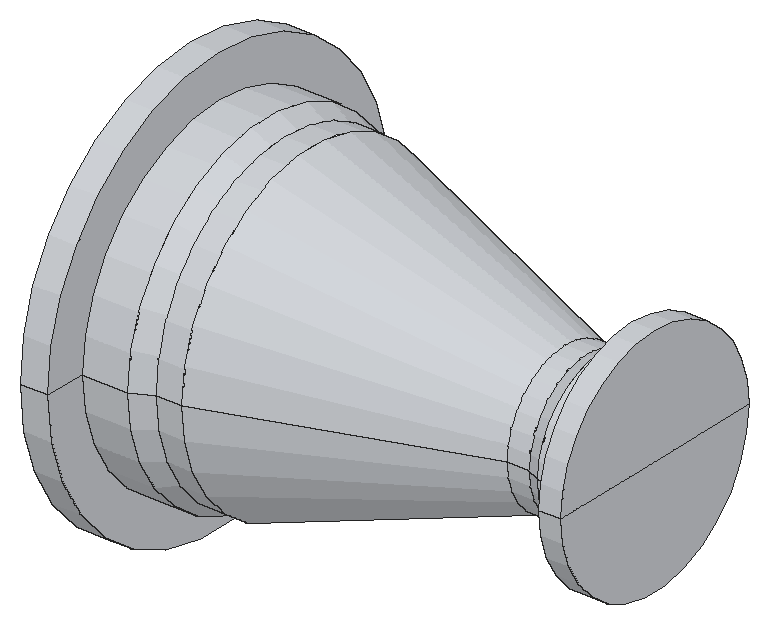
Revit family "c694c678d61b4b9c8003544628e97377", category Pipe Fittings, Revit 2021
Family settings
  Round Connector Dimension = Use Radius
  Part Type = Transition
  OmniClass Number = 23.60.30.11.14
  OmniClass Title = Pipework Fittings
  Work Plane-Based = No
  Always vertical = Yes
  Cut with Voids When Loaded = No
  Shared = No
Parameters (values of type "Standard")
  Visibility 2 [instance] = Nominal Diameter 2 > Nominal Diameter 1  # no
  Visibility 1 [instance] = Nominal Diameter 1 > Nominal Diameter 2  # yes
  URL = ""
  Type Comments = ""
  Tick Size 2 [instance] = if(Nominal Diameter 1 > Nominal Diameter 2, Min Tick Size 12, Max Tick Size 12)  # 2.7600"
  Tick Size 1 [instance] = if(Nominal Diameter 1 > Nominal Diameter 2, Max Tick Size 12, Min Tick Size 12)  # 6.1200"
  Min Tick Size 12 [instance] = Min Fitting Outside Diameter 12 * 0.4  # 2.7600"
  Max Tick Size 12 [instance] = Max Fitting Outside Diameter 12 * 0.4  # 6.1200"
  Socket Outside Radius 2 [instance] = Socket Outside Diameter 2 / 2  # 3.8000"
  Socket Outside Radius 1 [instance] = Socket Outside Diameter 1 / 2  # 8.0950"
  Socket Outside Diameter 2 [instance] = if(Nominal Diameter 1 > Nominal Diameter 2, Min Socket Outside Diameter 12, Max Socket Outside Diameter 12)  # 7.6000"
  Socket Outside Diameter 1 [instance] = if(Nominal Diameter 1 > Nominal Diameter 2, Max Socket Outside Diameter 12, Min Socket Outside Diameter 12)  # 16.1900"
  Socket Depth 2 [instance] = if(Nominal Diameter 2 < 14.0000", 2.5000", if(Nominal Diameter 2 < 30.0000", 3.5000", 4.0000"))  # 2.5000"
  Socket Depth 1 [instance] = if(Nominal Diameter 1 < 14.0000", 2.5000", if(Nominal Diameter 1 < 30.0000", 3.5000", 4.0000"))  # 3.5000"
  Min Socket Outside Diameter 12 [instance] = size_lookup(Lookup Table Name, "SOD", 1.1 * Min Nominal Diameter 12 + 0.8700", Min Nominal Diameter 12)  # 7.6000"
  Max Socket Outside Diameter 12 [instance] = size_lookup(Lookup Table Name, "SOD", 1.14 * Max Nominal Diameter 12 + 0.1300", Max Nominal Diameter 12)  # 16.1900"
  Nominal Radius 2 [instance] = 3.0000"
  Nominal Radius 1 [instance] = 7.0000"
  Nominal Diameter 2 [instance] = Nominal Radius 2 * 2  # 6.0000"
  Nominal Diameter 1 [instance] = Nominal Radius 1 * 2  # 14.0000"
  Min Nominal Diameter 12 [instance] = if(Nominal Diameter 1 > Nominal Diameter 2, Nominal Diameter 2, Nominal Diameter 1)  # 6.0000"
  Max Nominal Diameter 12 [instance] = if(Nominal Diameter 1 > Nominal Diameter 2, Nominal Diameter 1, Nominal Diameter 2)  # 14.0000"
  Manufacturer = ""
  Loss Method = K Coefficient from Table
  Lookup Table Name = "Reducer - MJ - GI - Class 150"
  Length [instance] = size_lookup(Lookup Table Name, "Lgt", 2 * Max Nominal Diameter 12, Max Nominal Diameter 12, Min Nominal Diameter 12)  # 22.0000"
  K Coefficient Table = "Reducer/Coupling/Union/Increaser"
  Fitting Outside Radius 2 [instance] = Fitting Outside Diameter 2 / 2  # 3.4500"
  Fitting Outside Radius 1 [instance] = Fitting Outside Diameter 1 / 2  # 7.6500"
  Min Fitting Outside Diameter 12 [instance] = size_lookup(Lookup Table Name, "FOD", 1.04 * Min Nominal Diameter 12 + 0.7000", Min Nominal Diameter 12)  # 6.9000"
  Max Fitting Outside Diameter 12 [instance] = size_lookup(Lookup Table Name, "FOD", 1.04 * Max Nominal Diameter 12 + 0.7000", Max Nominal Diameter 12)  # 15.3000"
  built-in parameter 1114238 [instance] = (empty or 0)
  Fitting Outside Diameter 2 [instance] = if(Nominal Diameter 1 > Nominal Diameter 2, Min Fitting Outside Diameter 12, Max Fitting Outside Diameter 12)  # 6.9000"
  Fitting Outside Diameter 1 [instance] = if(Nominal Diameter 1 > Nominal Diameter 2, Max Fitting Outside Diameter 12, Min Fitting Outside Diameter 12)  # 15.3000"
  Description = ""
  Default Elevation = 0.0000"
  Bevel Length 2 [instance] = size_lookup(Lookup Table Name, "BvLgt", 0.04 * Nominal Diameter 2 + 0.4300", Nominal Diameter 2)  # 0.7000"
  Bevel Length 1 [instance] = size_lookup(Lookup Table Name, "BvLgt", 0.04 * Nominal Diameter 1 + 0.4300", Nominal Diameter 1)  # 0.8900"
  Gland Width 2 [instance] = size_lookup(Lookup Table Name, "GWid", 0.03 * Nominal Diameter 2 + 0.9400", Nominal Diameter 2)  # 1.0600"
  Gland Width 1 [instance] = size_lookup(Lookup Table Name, "GWid", 0.03 * Nominal Diameter 1 + 0.9400", Nominal Diameter 1)  # 1.3100"
  Gland Outside Radius 1 [instance] = Gland Outside Diameter 1 / 2  # 10.1250"
  Gland Outside Radius 2 [instance] = Gland Outside Diameter 2 / 2  # 5.5600"
  Max Gland Outside Diameter 12 [instance] = size_lookup(Lookup Table Name, "GOD", 1.16 * Max Nominal Diameter 12 + 4.0300", Max Nominal Diameter 12)  # 20.2500"
  Min Gland Outside Diameter 12 [instance] = size_lookup(Lookup Table Name, "GOD", 1.16 * Min Nominal Diameter 12 + 4.0300", Min Nominal Diameter 12)  # 11.1200"
  Gland Outside Diameter 2 [instance] = if(Nominal Diameter 1 > Nominal Diameter 2, Min Gland Outside Diameter 12, Max Gland Outside Diameter 12)  # 11.1200"
  Gland Outside Diameter 1 [instance] = if(Nominal Diameter 1 > Nominal Diameter 2, Max Gland Outside Diameter 12, Min Gland Outside Diameter 12)  # 20.2500"
  Assembly Code = ""
Reference planes (in)
  plane 1 "Center (Front/Back)": y = 0
  plane 2: z = 0
  plane 3 "Center (Left/Right)": x = 0
  plane 4 "Right": x = 22
  plane 5 "TK1 Top": y = 6.12
  plane 6 "TK1 Bottom": y = -6.12
  plane 7 "TK2 Top": y = 2.76
  plane 8 "TK2 Bottom": y = -2.76
  plane 9: y = 10.125
  plane 10: y = 8.095
  plane 11: x = 3.5
  plane 12: x = 4.39
  plane 13: y = 7.65
  plane 14 "SD2R": x = 19.5
  plane 15: x = 1.31
  plane 16: x = 20.94
  plane 17: x = 18.8
  plane 18: y = 3.45
  plane 19: y = 3.8
  plane 20: y = 5.56
  plane 21: x = 5.7
  plane 22: x = 17.74
Forms (in)
  Extrusion 1, solid, not visible
    sketch origin (0, 0, 0) x (0, 1, 0) y (0, 0, 1)
      loop
        circle (0, 0) r 1
    from 0 to 22
  Revolve 2, solid, detail levels fine
    sketch origin (0, 0, 0) x (1, 0, 0) y (0, 1, 0)
      loop
        line (0, 0) -> (22, 0) -> (22, 5.56) -> (20.94, 5.56) -> (20.94, 3.8) -> (19.5, 3.8) -> (18.8, 3.45) -> (17.74, 3.45) -> (5.7, 7.65) -> (4.44, 7.65) -> (3.5, 8.095) -> (1.31, 8.095) -> (1.31, 10.125) -> (0, 10.125) -> (0, 0)
      axis (0, 0) -> (22, 0)
    angle from 0 to 360
Lines and regions (in)
  model lines, detail levels coarse+medium
    curve 1: line (0, 0, 0) -> (0, 6.12, 0)
    curve 2: line (0, -6.12, 0) -> (0, 0, 0)
    curve 3: line (22, 0, 0) -> (22, 2.76, 0)
    curve 4: line (22, 0, 0) -> (22, -2.76, 0)
  model lines, style "PipeFitting", visible <- "Visibility 1", detail levels coarse+medium
    curve 5: line (0, 6.12, 0) -> (22, 0, 0)
    curve 6: line (0, -6.12, 0) -> (22, 0, 0)
  model lines, style "PipeFitting", visible <- "Visibility 2", detail levels coarse+medium
    curve 7: line (22, 2.76, 0) -> (0, 0, 0)
    curve 8: line (0, 0, 0) -> (22, -2.76, 0)
Dimensions and locks (in)
  "Tick Size 1": plane 5 "TK1 Top" to plane 1 "Center (Front/Back)"
  "Tick Size 1": plane 6 "TK1 Bottom" to plane 1 "Center (Front/Back)"
  "Tick Size 2": plane 7 "TK2 Top" to plane 1 "Center (Front/Back)"
  "Tick Size 2": plane 8 "TK2 Bottom" to plane 1 "Center (Front/Back)"
  "Gland Outside Radius 1": plane 9 to plane 1 "Center (Front/Back)"
  "Socket Outside Radius 1": plane 1 "Center (Front/Back)" to plane 10
  "Fitting Outside Radius 1": plane 13 to plane 1 "Center (Front/Back)"
  "Length": plane 3 "Center (Left/Right)" to plane 4 "Right"
  "Socket Depth 2": plane 14 "SD2R" to plane 4 "Right"
  "Socket Depth 1": plane 3 "Center (Left/Right)" to plane 11
  "Gland Width 1": plane 3 "Center (Left/Right)" to plane 15
  "Gland Width 2": plane 16 to plane 4 "Right"
  "Bevel Length 1": plane 11 to plane 12
  "Bevel Length 2": plane 17 to plane 14 "SD2R"
  "Fitting Outside Radius 2": plane 18 to plane 1 "Center (Front/Back)"
  "Socket Outside Radius 2": plane 19 to plane 1 "Center (Front/Back)"
  "Gland Outside Radius 2": plane 20 to plane 1 "Center (Front/Back)"
  "Gland Width 1": plane 12 to plane 21
  "Gland Width 2": plane 22 to plane 17
  radius of Extrusion 1 sketch curve = 1.0000"
  aligned and locked: plane 2 to level
  aligned and locked: plane 2 to Extrusion 1 sketch curve
  aligned and locked: plane 1 "Center (Front/Back)" to Extrusion 1 sketch curve
  aligned and locked: Extrusion 1 to plane 3 "Center (Left/Right)"
  aligned and locked: plane 4 "Right" to Extrusion 1
  aligned and locked: plane 1 "Center (Front/Back)" to curve 2
  aligned and locked: plane 3 "Center (Left/Right)" to curve 1
  aligned and locked: plane 3 "Center (Left/Right)" to curve 2
  aligned and locked: plane 5 "TK1 Top" to curve 1
  aligned and locked: plane 6 "TK1 Bottom" to curve 2
  aligned and locked: curve 3 to plane 7 "TK2 Top"
  aligned and locked: curve 4 to plane 4 "Right"
  aligned and locked: plane 1 "Center (Front/Back)" to Revolve 2 sketch curve
  aligned and locked: plane 3 "Center (Left/Right)" to Revolve 2 sketch curve
  aligned and locked: Revolve 2 sketch curve to plane 9
  aligned and locked: Revolve 2 sketch curve to plane 15
  aligned and locked: Revolve 2 sketch curve to plane 10
  aligned and locked: plane 11 to Revolve 2 sketch curve
  aligned and locked: plane 14 "SD2R" to Revolve 2 sketch curve
  aligned and locked: Revolve 2 sketch curve to plane 19
  aligned and locked: plane 16 to Revolve 2 sketch curve
  aligned and locked: Revolve 2 sketch curve to plane 20
  aligned and locked: plane 4 "Right" to Revolve 2 sketch curve
  aligned and locked: Revolve 2 sketch curve to Revolve 2 sketch curve
  aligned and locked: plane 18 to Revolve 2 sketch curve
  aligned and locked: plane 22 to Revolve 2 sketch curve
  aligned and locked: Revolve 2 sketch curve to plane 13
  aligned and locked: plane 21 to Revolve 2 sketch curve
Automatic sketch dimensions
  plane 8 "TK2 Bottom" to curve 8 = 0.0000"
  plane 1 "Center (Front/Back)" to curve 4 = 0.0000"
  Revolve 2 sketch curve to plane 17 = 0.0000"
  Revolve 2 sketch curve to plane 3 "Center (Left/Right)" = 9.7500"
  Revolve 2 sketch curve to plane 12 = 0.0500"
  Revolve 2 sketch curve to Revolve 2 sketch curve = 7.2500"
Connectors (in)
  piping at (0, 0, 0), diameter 14, driven by "Nominal Radius 1"
    settings: on Extrusion 1, index 1, connector inside diameter 14.0000", connector length 0.0000", flow factor 0, pipe flow 0 GPM, pressure drop 0.00 psi, fitting loss kfactor 0, connector angle 0.00°, fixture units 0, engagement length 0.0000", angle of deflection 0.00°, flow configuration 0, flow direction 0, fitting loss method 0, system type 28, joint type 0, gender type 0, connector reference index 2, connector utility 0, adjustable connector no, is connector primary yes, connector description ""
  piping at (22, 0, 0), diameter 6, driven by "Nominal Radius 2"
    settings: on Extrusion 1, index 2, connector inside diameter 6.0000", connector length 0.0000", flow factor 0, pipe flow 0 GPM, pressure drop 0.00 psi, fitting loss kfactor 0, connector angle 0.00°, fixture units 0, engagement length 0.0000", angle of deflection 0.00°, flow configuration 0, flow direction 0, fitting loss method 0, system type 28, joint type 0, gender type 0, connector reference index 1, connector utility 0, adjustable connector no, is connector primary no, connector description ""
